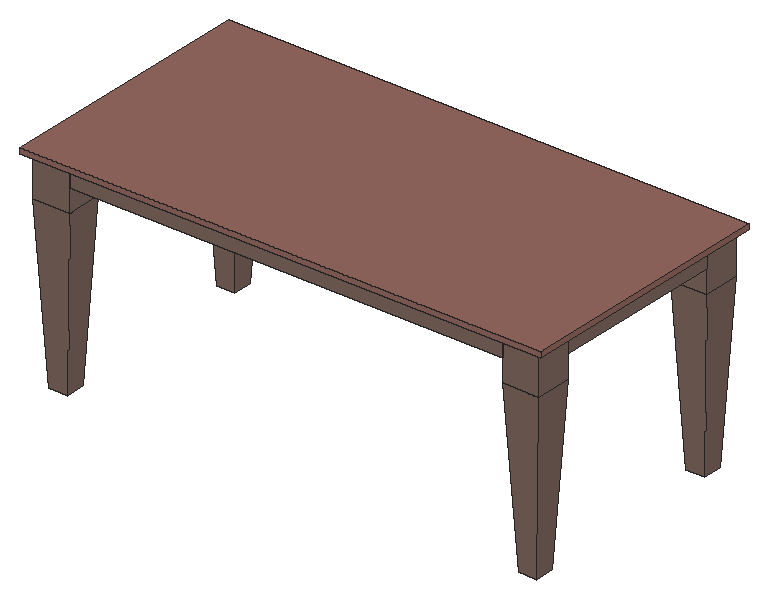
Revit family "Mesa de jantar básica", category Furniture, Revit 2016
Family settings
  Work Plane-Based = No
  Always vertical = Yes
  Cut with Voids When Loaded = No
  Shared = No
  Room Calculation Point = No
Parameters (values of type "180 x 90")
  Width = 90 cm
  Top Material = Herman Miller - Veneer UX Walnut on Cherry
  Base Material = Herman Miller - Veneer OU Walnut
  Length = 180 cm
  Height = 75 cm
Reference planes (cm)
  plane 1 "Center (Front/Back)": y = 0
  plane 2: z = 0
  plane 3 "Center (Left/Right)": x = 0
  plane 4: x = -90
  plane 5: x = 90
  plane 6: y = 45
  plane 7: y = -45
  plane 8: z = 75
Forms (cm)
  Extrusion 1, solid, material "Herman Miller - Veneer UX Walnut on Cherry" <- "Top Material"
    sketch origin (0, 0, 75) x (1, 0, 0) y (0, -1, 0)
      loop
        line (-90, -45) -> (90, -45) -> (90, 45) -> (-90, 45) -> (-90, -45)
    from 0 to 1.8
  Extrusion 2, solid, material "Herman Miller - Veneer OU Walnut" <- "Base Material"
    sketch origin (0, 0, 75) x (1, 0, 0) y (0, -1, 0)
      loop
        line (-87.5, -42.5) -> (-75, -42.5) -> (-75, -30) -> (-87.5, -30) -> (-87.5, -42.5)
      loop
        line (87.5, -42.5) -> (87.5, -30) -> (75, -30) -> (75, -42.5) -> (87.5, -42.5)
    from 1.8 to 16.2
  Extrusion 3, solid, material "Herman Miller - Veneer OU Walnut" <- "Base Material"
    sketch origin (0, 0, 75) x (1, 0, 0) y (0, -1, 0)
      loop
        line (-87.5, 42.5) -> (-87.5, 30) -> (-75, 30) -> (-75, 42.5) -> (-87.5, 42.5)
      loop
        line (87.5, 42.5) -> (75, 42.5) -> (75, 30) -> (87.5, 30) -> (87.5, 42.5)
    from 1.8 to 16.2
  Blend 4, solid, material "Herman Miller - Veneer OU Walnut" <- "Base Material"
    base sketch origin (0, 0, 0) x (1, 0, 0) y (0, 1, 0)
      loop
        line (-84.5, 39.5) -> (-84.5, 33) -> (-78, 33) -> (-78, 39.5) -> (-84.5, 39.5)
    top sketch origin (0, 0, 0) x (1, 0, 0) y (0, 1, 0)
      loop
        line (-87.5, 42.5) -> (-87.5, 30) -> (-75, 30) -> (-75, 42.5) -> (-87.5, 42.5)
    from 0 to 58.8
  Blend 5, solid, material "Herman Miller - Veneer OU Walnut" <- "Base Material"
    base sketch origin (0, 0, 0) x (1, 0, 0) y (0, 1, 0)
      loop
        line (84.5, 39.5) -> (78, 39.5) -> (78, 33) -> (84.5, 33) -> (84.5, 39.5)
    top sketch origin (0, 0, 0) x (1, 0, 0) y (0, 1, 0)
      loop
        line (75, 42.5) -> (75, 30) -> (87.5, 30) -> (87.5, 42.5) -> (75, 42.5)
    from 0 to 58.8
  Blend 6, solid, material "Herman Miller - Veneer OU Walnut" <- "Base Material"
    base sketch origin (0, 0, 75) x (1, 0, 0) y (0, 1, 0)
      loop
        line (75, -30) -> (75, -42.5) -> (87.5, -42.5) -> (87.5, -30) -> (75, -30)
    top sketch origin (0, 0, 75) x (1, 0, 0) y (0, 1, 0)
      loop
        line (84.5, -39.5) -> (84.5, -33) -> (78, -33) -> (78, -39.5) -> (84.5, -39.5)
    from -16.2 to -75
  Blend 7, solid, material "Herman Miller - Veneer OU Walnut" <- "Base Material"
    base sketch origin (0, 0, 75) x (1, 0, 0) y (0, 1, 0)
      loop
        line (-87.5, -30) -> (-87.5, -42.5) -> (-75, -42.5) -> (-75, -30) -> (-87.5, -30)
    top sketch origin (0, 0, 75) x (1, 0, 0) y (0, 1, 0)
      loop
        line (-84.5, -39.5) -> (-78, -39.5) -> (-78, -33) -> (-84.5, -33) -> (-84.5, -39.5)
    from -16.2 to -75
  Extrusion 8, solid, material "Herman Miller - Veneer OU Walnut" <- "Base Material"
    sketch origin (0, 0, 75) x (1, 0, 0) y (0, -1, 0)
      loop
        line (-75, -42.5) -> (75, -42.5) -> (75, -38) -> (-75, -38) -> (-75, -42.5)
    from 1.8 to 8.2
  Extrusion 9, solid, material "Herman Miller - Veneer OU Walnut" <- "Base Material"
    sketch origin (0, 0, 75) x (1, 0, 0) y (0, -1, 0)
      loop
        line (-75, 42.5) -> (-75, 38) -> (75, 38) -> (75, 42.5) -> (-75, 42.5)
    from 1.8 to 8.2
  Extrusion 10, solid, material "Herman Miller - Veneer OU Walnut" <- "Base Material"
    sketch origin (0, 0, 75) x (1, 0, 0) y (0, -1, 0)
      loop
        line (-87.5, 30) -> (-87.5, -30) -> (-83, -30) -> (-83, 30) -> (-87.5, 30)
    from 1.8 to 8.2
  Extrusion 11, solid, material "Herman Miller - Veneer OU Walnut" <- "Base Material"
    sketch origin (0, 0, 75) x (1, 0, 0) y (0, -1, 0)
      loop
        line (87.5, -30) -> (87.5, 30) -> (83, 30) -> (83, -30) -> (87.5, -30)
    from 1.8 to 8.2
Lines and regions (cm)
  Masking region 1
    outline origin (0, 0, 0) x (1, 0, 0) y (0, 1, 0)
      loop
        line (-90, 45) -> (-90, -45) -> (90, -45) -> (90, 45) -> (-90, 45)
  symbolic lines
    curve 1: line (-90, 45, 0) -> (90, 45, 0)
    curve 2: line (-90, -45, 0) -> (-90, 45, 0)
    curve 3: line (90, -45, 0) -> (-90, -45, 0)
    curve 4: line (90, 45, 0) -> (90, -45, 0)
    curve 5: line (-87.5, 42.5, 0) -> (-75, 42.5, 0)
    curve 6: line (-87.5, 30, 0) -> (-87.5, 42.5, 0)
    curve 7: line (-75, 30, 0) -> (-87.5, 30, 0)
    curve 8: line (-75, 42.5, 0) -> (-75, 30, 0)
    curve 9: line (75, 42.5, 0) -> (87.5, 42.5, 0)
    curve 10: line (75, 30, 0) -> (75, 42.5, 0)
    curve 11: line (87.5, 30, 0) -> (75, 30, 0)
    curve 12: line (87.5, 42.5, 0) -> (87.5, 30, 0)
    curve 13: line (75, -30, 0) -> (87.5, -30, 0)
    curve 14: line (75, -42.5, 0) -> (75, -30, 0)
    curve 15: line (87.5, -42.5, 0) -> (75, -42.5, 0)
    curve 16: line (87.5, -30, 0) -> (87.5, -42.5, 0)
    curve 17: line (-87.5, -30, 0) -> (-75, -30, 0)
    curve 18: line (-87.5, -42.5, 0) -> (-87.5, -30, 0)
    curve 19: line (-75, -42.5, 0) -> (-87.5, -42.5, 0)
    curve 20: line (-75, -30, 0) -> (-75, -42.5, 0)
    curve 21: line (-75, 42.5, 0) -> (75, 42.5, 0)
    curve 22: line (87.5, 30, 0) -> (87.5, -30, 0)
    curve 23: line (75, -42.5, 0) -> (-75, -42.5, 0)
    curve 24: line (-87.5, -30, 0) -> (-87.5, 30, 0)
Dimensions and locks (cm)
  equal spacing: plane 4, plane 3 "Center (Left/Right)", plane 5
  "Length": plane 4 to plane 5
  equal spacing: plane 7, plane 1 "Center (Front/Back)", plane 6
  "Width": plane 7 to plane 6
  "Height": level to plane 8
  aligned and locked: plane 4 to Extrusion 1 sketch curve
  aligned and locked: Extrusion 1 sketch curve to plane 6
  aligned and locked: plane 7 to Extrusion 1 sketch curve
  aligned and locked: plane 5 to Extrusion 1 sketch curve
  aligned and locked: Extrusion 1 to plane 8
  aligned and locked: Extrusion 2 to Extrusion 1
  aligned and locked: Extrusion 3 to Extrusion 1
  aligned and locked: Blend 4 sketch curve to Extrusion 2  (x3)
  aligned and locked: Extrusion 2 to Blend 4 sketch curve
  aligned and locked: Blend 4 to Extrusion 2
  aligned and locked: Blend 5 sketch curve to Extrusion 2  (x3)
  aligned and locked: Extrusion 2 to Blend 5 sketch curve
  aligned and locked: Blend 5 to Extrusion 2
  aligned and locked: Blend 6 sketch curve to Extrusion 3  (x3)
  aligned and locked: Extrusion 3 to Blend 6 sketch curve
  aligned and locked: Extrusion 2 to Blend 6
  aligned and locked: Blend 6 to level
  aligned and locked: Blend 5 to level
  aligned and locked: Blend 4 to level
  aligned and locked: Blend 7 sketch curve to Extrusion 3  (x3)
  aligned and locked: Extrusion 3 to Blend 7 sketch curve
  aligned and locked: Blend 7 to level
  aligned and locked: Blend 7 to Extrusion 2
  aligned and locked: Extrusion 8 sketch curve to Extrusion 2  (x2)
  aligned and locked: Extrusion 8 to Extrusion 1
  aligned and locked: Extrusion 3 to Extrusion 9 sketch curve
  aligned and locked: Extrusion 9 sketch curve to Extrusion 3
  aligned and locked: Extrusion 10 sketch curve to Extrusion 2
  aligned and locked: Extrusion 10 sketch curve to Extrusion 3
  aligned and locked: Extrusion 11 sketch curve to Extrusion 2
  aligned and locked: Extrusion 3 to Extrusion 11 sketch curve
  aligned and locked: curve 1 to Extrusion 1  (x2)
  aligned and locked: Extrusion 1 to curve 4
  aligned and locked: curve 4 to Extrusion 1
Automatic sketch dimensions
  plane 4 to Extrusion 2 sketch curve = 2.5 cm
  Extrusion 2 sketch curve to Extrusion 2 sketch curve = 12.5 cm
  Extrusion 2 sketch curve to plane 5 = 15 cm
  Extrusion 2 sketch curve to plane 5 = 2.5 cm
  plane 6 to Extrusion 2 sketch curve = 15 cm  (x2)
  plane 6 to Extrusion 2 sketch curve = 2.5 cm  (x2)
  plane 4 to Extrusion 3 sketch curve = 2.5 cm
  Extrusion 3 sketch curve to Extrusion 3 sketch curve = 12.5 cm  (x3)
  Extrusion 3 sketch curve to plane 5 = 15 cm
  Extrusion 3 sketch curve to plane 5 = 2.5 cm
  Extrusion 3 sketch curve to plane 7 = 2.5 cm  (x2)
  plane 4 to Blend 4 sketch curve = 5.5 cm
  plane 6 to Blend 4 sketch curve = 5.5 cm
  Blend 4 sketch curve to Blend 4 sketch curve = 6.5 cm  (x2)
  plane 6 to Blend 5 sketch curve = 5.5 cm
  Blend 5 sketch curve to Blend 5 sketch curve = 6.5 cm  (x2)
  Blend 5 sketch curve to plane 5 = 5.5 cm
  Blend 6 sketch curve to plane 7 = 5.5 cm
  Blend 6 sketch curve to plane 5 = 5.5 cm
  Blend 6 sketch curve to Blend 6 sketch curve = 6.5 cm  (x2)
  Blend 7 sketch curve to plane 7 = 5.5 cm
  plane 4 to Blend 7 sketch curve = 5.5 cm
  Blend 7 sketch curve to Blend 7 sketch curve = 6.5 cm  (x2)
  plane 6 to Extrusion 8 sketch curve = 7 cm
  plane 6 to Extrusion 8 sketch curve = 2.5 cm
  Extrusion 9 sketch curve to plane 7 = 7 cm
  Extrusion 9 sketch curve to Extrusion 9 sketch curve = 4.5 cm
  plane 4 to Extrusion 10 sketch curve = 2.5 cm
  Extrusion 10 sketch curve to Extrusion 10 sketch curve = 4.5 cm
  Extrusion 11 sketch curve to plane 5 = 7 cm
  Extrusion 11 sketch curve to plane 5 = 2.5 cm
  plane 4 to curve 24 = 2.5 cm
  plane 6 to curve 21 = 2.5 cm
  curve 5 to curve 21 = 12.5 cm
  curve 20 to plane 7 = 2.5 cm
  curve 18 to curve 20 = 12.5 cm
  curve 10 to plane 5 = 15 cm
  curve 14 to plane 5 = 15 cm
  curve 13 to plane 5 = 2.5 cm
  curve 14 to curve 13 = 12.5 cm
  curve 19 to curve 17 = 12.5 cm
  curve 10 to curve 9 = 12.5 cm
  curve 7 to curve 5 = 12.5 cm
  Masking region 1 sketch curve to plane 4 = 0 cm
  Masking region 1 sketch curve to plane 5 = 0 cm
  plane 7 to Masking region 1 sketch curve = 0 cm
  plane 6 to Masking region 1 sketch curve = 0 cm
